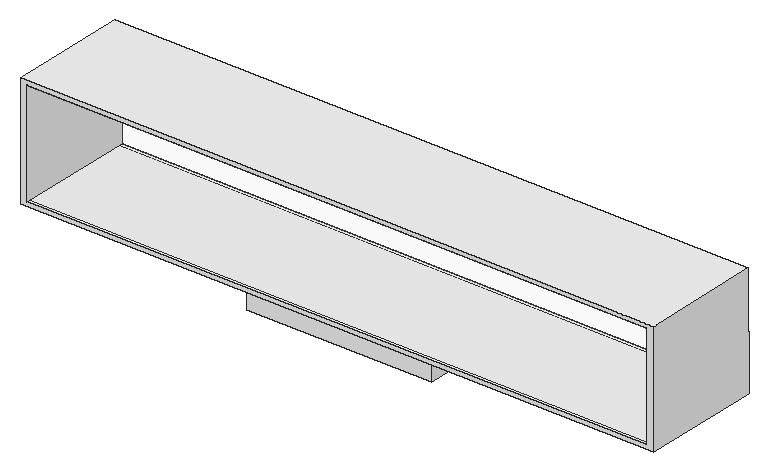
Revit family "4L-W-ID", category Lighting Fixtures, host Face, Revit 2021
Family settings
  Host = Face
  Round Connector Dimension = Use Diameter
  Part Type = Normal
  OmniClass Number = 23.80.70.11.14.17
  OmniClass Title = Direct/Indirect
  Cut with Voids When Loaded = No
  Light Source = Yes
  Shared = Yes
  Room Calculation Point = No
Parameters (values of type "4L-W-ID-02")
  zz YesNo 2 = no
  zz YesNo 1 = yes
  Wattage = 4 W
  Warranty = "5-Years Warranty"  # constant formula
  built-in parameter 1150110 = 1 (stored number, unit not read)
  Voltage = 120 V
  Type Comments = "Lighting Fixture"  # constant formula
  built-in parameter 1114217 = 1 (stored number, unit not read)
  Tilt Angle = -90.00°
  built-in parameter 1150109 = 1 (stored number, unit not read)
  built-in parameter 1150134 = (empty or 0)
  built-in parameter 1150113 = 1 (stored number, unit not read)
  Product Page URL = ""
  Product Documentation Link = ""
  Power Factor = 1
  Photometric Web File = "4L-W-AD-4-ASYM-X-CX-35K-D030.ies"
  Photometric Notes = "For more Photometric files please refer to the website"  # constant formula
  zz Length 1 = 2' - 0"
  Wattage Comments = ""
  URL = "https://www.currentlighting.com/litecontrol"
  Mounting = "Wall-Mount"  # constant formula
  Model = "MOD™ 4L LED Wall Indirect/Direct"  # constant formula
  Manufacturer = "Litecontrol"  # constant formula
  built-in parameter 1150105 = 39.789 (stored number, unit not read)
  Lumens = 500 lm
  built-in parameter 1150115 = 1 (stored number, unit not read)
  Load Classification = Lighting
  built-in parameter 1150137 = (empty or 0)
  built-in parameter 1150139 = (empty or 0)
  built-in parameter 1150112 = 1 (stored number, unit not read)
  built-in parameter 1150114 = 1 (stored number, unit not read)
  Lamp = "LED"  # constant formula
  built-in parameter 1150132 = (empty or 0)
  built-in parameter 1150102 = (empty or 0)
  built-in parameter 1150107 = 3500 (stored number, unit not read)
  built-in parameter 1150138 = (empty or 0)
  built-in parameter 1150106 = 0.39789 (stored number, unit not read)
  Glass = Glass - White
  Fixture Distribution = "Indirect/Direct"  # constant formula
  Emit from Rectangle Width = zz Length 1 - 0' 0 1/2"  # 1' - 11 1/2"
  Emit from Rectangle Length = 0' - 4"  # constant formula
  Emit Shape Visible in Rendering = no
  built-in parameter 1150104 = 11.613 (stored number, unit not read)
  Dimming Lamp Color Temperature Shift = <None>
  Diming Protocol = "0-10V, Lutron 2-Wire, Lutron 3-Wire, Lutron Ecosystem Digital, Step-dimming"  # constant formula
  Description = "The MOD™ 4L LED Wall Indirect/Direct (4L-W-ID) is part of the MODx family, which is an affordably-priced, full-featured offering with best-in-class attention to detail."  # constant formula
  Default Elevation = 4' - 0"
  Copyright = "Copyright © Litecontrol"  # constant formula
  Contact Us = ""
  Color Filter = 16777215
  built-in parameter 1114218 = 1 (stored number, unit not read)
  Housing Material = Paint - Matte White
  built-in parameter 1150133 = 10 (stored number, unit not read)
  Assembly Code = "D5020200"
  Apparent Load = 0 VA
Types (7): name | zz YesNo 2 | zz YesNo 1 | Photometric Web File | zz Length 1 | Emit from Rectangle Width
  (no name) | no | yes | "4L-W-AD-4-ASYM-X-CX-35K-D030.ies" | 2' - 0" | 1' - 11 1/2"
  4L-W-ID-02 | no | yes | "4L-W-AD-4-ASYM-X-CX-35K-D030.ies" | 2' - 0" | 1' - 11 1/2"
  4L-W-ID-03 | yes | no | "4L-W-AD-4-ASYM-X-CX-35K-D030.ies" | 3' - 0" | 2' - 11 1/2"
  4L-W-ID-04 | yes | no | "4L-W-AD-4-ASYM-X-CX-35K-D030.ies" | 4' - 0" | 3' - 11 1/2"
  4L-W-ID-05 | yes | no | "4L-W-AD-4-ASYM-X-CX-35K-D030.ies" | 5' - 0" | 4' - 11 1/2"
  4L-W-ID-06 | yes | no | "4L-W-AD-4-ASYM-X-CX-35K-D030.ies" | 6' - 0" | 5' - 11 1/2"
  4L-W-ID-08 | yes | no | "4L-W-AD-4-ASYM-X-CX-35K-D030 (2).ies" | 8' - 0" | 7' - 11 1/2"
Reference planes (in)
  plane 1 "Center (Front/Back)": y = 11.51342
  plane 2: z = 0
  plane 3 "Center (Left/Right)": x = 0
Dimensions and locks (in)
  aligned and locked: plane 2 to host face
  aligned and locked: level to host face
  aligned and locked: plane 3 "Center (Left/Right)" to imposter light
  aligned and locked: plane 3 "Center (Left/Right)" to nested 1
  aligned and locked: imposter light to plane 1 "Center (Front/Back)"
  aligned and locked: nested 1 to plane 2
Nested families (in)
  nested 1: "4L" at (-0.01104, 14.51342, 2.76501) x (1, 0, 0) z (0, -1, 0), Glass <- "Glass", Backbox <- "Housing Material", Length <- "zz Length 1", type "22-W"
    with W1 0' - 4", W 0' - 4 1/4", Length 2' - 0", Glass Glass - White, Backbox Paint - Matte White
Connectors (in)
  electrical at (0, 12.26342, 0.68), driven by "Load Classification", driven by "Voltage", driven by "Apparent Load", driven by "Power Factor"
    settings: on nested 1, index 1, voltage 120 V, apparent load 0 VA, apparent load phase1 0 VA, apparent load phase2 0 VA, apparent load phase3 0 VA, power factor 1, load classification "Lighting", number of poles 1, system type 30, power factor state 1, is connector primary yes, connector utility no, sub classification motor no, connector description "Electrical Connector"
Definition of nested family "4L"
  Parameters
    zz YesNo 2 = no
    zz YesNo 1 = yes
    Wattage Comments = ""
    W1 [instance] = 0' - 4"
    W [instance] = 0' - 4 1/4"
    URL = ""
    Model = ""
    Manufacturer = ""
    Length [instance] = 6' - 0"
    Lamp = ""
    Glass [instance] = none
    Description = ""
    Default Elevation = 4' - 0"
    Backbox [instance] = none
    Apparent Load = 0 VA
  Reference planes (in)
    plane 1 "Center (Front/Back)": y = 0.03999
    plane 2: z = 0
    plane 3 "Center (Left/Right)": x = 0.01104
    plane 4: z = 4.5
    plane 5: z = 1
    plane 6: x = -35.98896
    plane 7: x = 36.01104
    plane 8: x = -35.73896
    plane 9: x = 35.76104
    plane 10: y = 2.03999
    plane 11: y = -1.96001
    plane 12: y = -2.08501
    plane 13: y = 2.16499
    plane 14: z = 0.125
    plane 15: y = -2.76501
    plane 16: z = 4.375
    plane 17: x = -29.98896
    plane 18: x = -33.48896
    plane 19: x = -26.48896
    plane 20: x = 30.01104
    plane 21: x = 33.51104
    plane 22: x = 26.51104
    plane 23: x = -3.48896
    plane 24: x = 3.51104
  Forms (in)
    Extrusion 1, solid
      sketch origin (0, 0, 0.06357) x (1, 0, 0) y (0, 1, 0)
        loop
          line (-48, 48) -> (-48, -48) -> (48, -48) -> (48, 48) -> (-48, 48)
      from -0.06357 to -12.81105
    Extrusion 2, void
      sketch origin (-23.78896, 8.13374, 2) x (0, -1, 0) y (1, 0, 0)
        loop
          line (6.09375, -11.95) -> (10.09375, -11.95) -> (10.09375, 59.55) -> (6.09375, 59.55) -> (6.09375, -11.95)
      from 2.5 to -2
    Extrusion 3, solid, material <- "Backbox"
      sketch origin (0.01104, 0, 0) x (0, 1, 0) y (0, 0, 1)
        loop
          line (2.16499, 4.5) -> (-2.08501, 4.5) -> (-2.08501, 0) -> (2.16499, 0) -> (2.16499, 4.5)
      from -36 to 36
    Extrusion 4, solid, material <- "Glass"
      sketch origin (0, 0, 4.3125) x (0, -1, 0) y (1, 0, 0)
        loop
          line (-2.03999, -35.73896) -> (1.96001, -35.73896) -> (1.96001, 35.76104) -> (-2.03999, 35.76104) -> (-2.03999, -35.73896)
      from 0.0625 to 0.1875
    Extrusion 5, solid, material <- "Backbox", visible <- "zz YesNo 2"
      sketch origin (0.01104, 0, 0) x (0, 1, 0) y (0, 0, 1)
        loop
          line (-2.08501, 4.375) -> (-2.76501, 4.375) -> (-2.76501, 0.125) -> (-2.08501, 0.125) -> (-2.08501, 4.375)
      from 26.5 to 33.5
    Extrusion 6, solid, material <- "Backbox", visible <- "zz YesNo 2"
      sketch origin (0.01104, 0, 0) x (0, 1, 0) y (0, 0, -1)
        loop
          line (-2.08501, -4.375) -> (-2.08501, -0.125) -> (-2.76501, -0.125) -> (-2.76501, -4.375) -> (-2.08501, -4.375)
      from 26.5 to 33.5
    Extrusion 7, solid, material <- "Backbox", visible <- "zz YesNo 1"
      sketch origin (18.01104, 0, 0) x (0, 1, 0) y (0, 0, -1)
        loop
          line (-2.08501, -4.375) -> (-2.08501, -0.125) -> (-2.76501, -0.125) -> (-2.76501, -4.375) -> (-2.08501, -4.375)
      from 14.5 to 21.5
    Extrusion 8, solid, material <- "Glass"
      sketch origin (0, 0, -1.3125) x (1, 0, 0) y (0, 1, 0)
        loop
          line (-35.73896, 2.03999) -> (-35.73896, -1.96001) -> (35.76104, -1.96001) -> (35.76104, 2.03999) -> (-35.73896, 2.03999)
      from 1.3125 to 1.4375
  Cuts and joins
    Extrusion 2 cuts Extrusion 3
  Dimensions and locks (in)
    "Length": plane 7 to plane 6
    locked: plane 8 to plane 6 at 0.25
    locked: plane 7 to plane 9 at 0.25
    equal spacing: plane 7, plane 3 "Center (Left/Right)", plane 6
    plane 10 to plane 11 = 0' - 4"
    equal spacing: plane 10, plane 1 "Center (Front/Back)", plane 11
    "W": plane 12 to plane 13
    plane 12 to plane 1 "Center (Front/Back)" = 0' - 2 1/8"
    equal spacing: plane 13, plane 1 "Center (Front/Back)", plane 12
    plane 4 to plane 2 = 0' - 4 1/2"
    plane 14 to plane 2 = 0' - 0 1/8"
    locked: plane 5 to plane 2 at 1
    plane 12 to plane 15 = 0' - 0.68"
    locked: plane 4 to plane 16 at 0.125
    locked: plane 17 to plane 6 at 6
    plane 19 to plane 17 to plane 18 = 0' - 3 1/2" locked, 0' - 3 1/2" locked
    plane 21 to plane 20 to plane 22 = 0' - 3 1/2" locked, 0' - 3 1/2" locked
    plane 24 to plane 3 "Center (Left/Right)" to plane 23 = 0' - 3 1/2" locked, 0' - 3 1/2" locked
    locked: plane 20 to plane 7 at 6
    equal spacing: plane 11, plane 1 "Center (Front/Back)", plane 10
    "W1": plane 11 to plane 10
    aligned and locked: plane 2 to Extrusion 1
    aligned and locked: plane 10 to Extrusion 2 sketch curve
    aligned and locked: plane 11 to Extrusion 2 sketch curve
    aligned and locked: plane 4 to Extrusion 3 sketch curve
    aligned and locked: plane 13 to Extrusion 3 sketch curve
    aligned and locked: Extrusion 3 sketch curve to level
    aligned and locked: plane 12 to Extrusion 3 sketch curve
    aligned and locked: Extrusion 3 to plane 6
    aligned and locked: plane 7 to Extrusion 3
    aligned and locked: plane 9 to Extrusion 2
    aligned and locked: Extrusion 2 to plane 8
    aligned and locked: Extrusion 5 sketch curve to plane 14
    aligned and locked: plane 16 to Extrusion 5
    aligned and locked: Extrusion 5 to plane 14
    aligned and locked: Extrusion 5 to plane 12
    aligned and locked: Extrusion 5 to plane 21
    aligned and locked: Extrusion 5 to plane 22
    aligned and locked: Extrusion 6 to plane 18
    aligned and locked: Extrusion 6 to plane 19
    aligned and locked: Extrusion 7 to plane 23
    aligned and locked: Extrusion 7 to plane 24
    aligned and locked: plane 4 to Extrusion 4
    aligned and locked: Extrusion 4 to Extrusion 5
    aligned and locked: plane 4 to Extrusion 2
    aligned and locked: Extrusion 2 to level
    aligned and locked: plane 14 to Extrusion 8
    aligned and locked: Extrusion 8 to level
    aligned and locked: plane 15 to Extrusion 5
  Automatic sketch dimensions
    Extrusion 1 sketch curve to Extrusion 1 sketch curve = 8' - 0"  (x2)
    Extrusion 2 sketch curve to plane 8 = 0' - 0"
    Extrusion 2 sketch curve to plane 9 = 0' - 0"
    Extrusion 4 sketch curve to plane 9 = 0' - 0"
    plane 10 to Extrusion 4 sketch curve = 0' - 0"
    Extrusion 4 sketch curve to plane 8 = 0' - 0"
    Extrusion 4 sketch curve to plane 11 = 0' - 0"
    Extrusion 5 sketch curve to plane 15 = 0' - 0"
    Extrusion 5 sketch curve to plane 12 = 0' - 0"
    Extrusion 5 sketch curve to plane 16 = 0' - 0"
    Extrusion 6 sketch curve to plane 15 = 0' - 0"
    Extrusion 6 sketch curve to plane 12 = 0' - 0"
    Extrusion 6 sketch curve to plane 16 = 0' - 0"
    Extrusion 6 sketch curve to plane 14 = 0' - 0"
    Extrusion 7 sketch curve to plane 15 = 0' - 0"
    Extrusion 7 sketch curve to plane 12 = 0' - 0"
    Extrusion 7 sketch curve to plane 16 = 0' - 0"
    Extrusion 7 sketch curve to plane 14 = 0' - 0"
    Extrusion 8 sketch curve to plane 8 = 0' - 0"
    Extrusion 8 sketch curve to plane 9 = 0' - 0"
    Extrusion 8 sketch curve to plane 11 = 0' - 0"
    plane 10 to Extrusion 8 sketch curve = 0' - 0"
